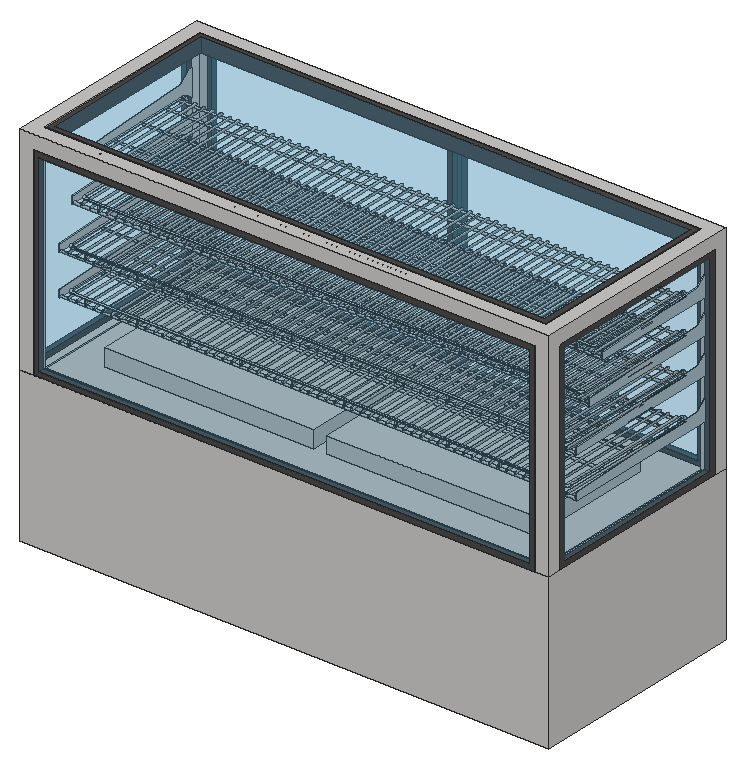
Revit family "QF_FESTIVE_RH15", category Specialty Equipment, Revit 2020
Family settings
  Round Connector Dimension = Use Diameter
  Part Type = Normal
  Work Plane-Based = No
  Always vertical = Yes
  Cut with Voids When Loaded = No
  Shared = No
  Room Calculation Point = No
Parameters (values of type "RH15_220-240/50/1")
  Weight in Kilograms = 190
  Watts = if(Phase = 3, Volts * FL Amps * 1.73, Volts * FL Amps)  # 4026 W
  Volts = 220 V
  URL Cutsheet = ""
  Specification by User = ""
  Specification by Manufacturer = ""
  Shelf Length [instance] = Length - 30 mm  # 1500 mm
  Serial Number = ""
  Seismic Rating = ""
  SMACNA No = ""
  Revision Code = ""
  Phase = 1
  Number of Poles = 1
  NAFEM Spec ID Number = ""
  Model = "RH15"
  Min Ckt Ampacity = 0 A
  Max Overcurrent Protection = 0 A
  Masterspec = ""
  Manufacturer = "FESTIVE"
  Length = 1530 mm
  Item Number = ""
  Installed By = ""
  Identify Quantity as Lot = yes
  Height = 1095 mm
  HP = ""
  Furnished By = ""
  Foodservice Equipment Identifier = yes
  FL Amps = 18.3 A
  Electrical Remarks = ""
  Electric Connection Type = ""
  Elec Conn RI Height = 0 mm
  Elec Conn Connection Height = 0 mm
  Description = "REGENT: HEATED"
  Depth = 640 mm
  Default Elevation = 0 mm
  Cycle = 50 Hz
  Control Panel B = Length > 600 mm  # yes
  Control Panel A = Length = 600 mm  # no
  Conn Plug = "10A Plug"
  Conn Conduit = yes
  CSI MasterFormat = ""
  Base Cover 2 [instance] = Length = 1530 mm  # yes
  Base Cover 1 [instance] = Length < 1201 mm  # no
  Apparent Power = if(Phase = 3, Volts * FL Amps * 1.73, Volts * FL Amps)  # 4026 VA
Reference planes
  plane 1 "BACK": y = 0
  plane 2: z = 0
  plane 3 "LEFT": x = 0
  plane 4 "RIGHT": x = 1530
  plane 5 "FRONT": y = -640
  plane 6 "TOP": z = 1095
  plane 7 "Center Y": x = 765
  plane 8 "Center X": y = -320
  plane 9: z = 470
  plane 10: z = 25.4
  plane 11: x = 40
  plane 12: x = 1490
  plane 13: x = 15
  plane 14: x = 1515
  plane 15: x = 1437.5
  plane 16: x = 92.5
  plane 17: y = 15
Forms (mm)
  Extrusion 1, solid, material "QF_Metal - Stainless - Brushed"
    sketch origin (-6096, 34.743, 25.4) x (0, 1, 0) y (-1, 0, 0)
      loop
        line (-34.743, -6096) -> (-674.743, -6096) -> (-674.743, -7626) -> (-34.743, -7626) -> (-34.743, -7586) -> (-634.743, -7586) -> (-634.743, -6136) -> (-34.743, -6136) -> (-34.743, -6096)
    from 0 to 444.6
  Extrusion 2, solid, material "QF_Plastic - Black - Smooth"
    sketch origin (0, 0, 0) x (0, 1, 0) y (0, 0, 1)
      loop
        line (-40, 1055) -> (-600, 1055) -> (-600, 470) -> (-40, 470) -> (-40, 1055)
      loop
        line (-55, 1040) -> (-585, 1040) -> (-585, 485) -> (-55, 485) -> (-55, 1040)
    from 0 to 15
  Extrusion 3, solid, material "QF_Metal - Stainless - Brushed"
    sketch origin (-6096, 152.961, 470) x (0, 1, 0) y (-1, 0, 0)
      loop
        line (-792.961, -6096) -> (-792.961, -6136) -> (-752.961, -6136) -> (-752.961, -6096) -> (-792.961, -6096)
      loop
        line (-792.961, -7626) -> (-752.961, -7626) -> (-752.961, -7586) -> (-792.961, -7586) -> (-792.961, -7626)
      loop
        line (-152.961, -7626) -> (-152.961, -7586) -> (-192.961, -7586) -> (-192.961, -7626) -> (-152.961, -7626)
      loop
        line (-152.961, -6096) -> (-192.961, -6096) -> (-192.961, -6136) -> (-152.961, -6136) -> (-152.961, -6096)
    from 0 to 625
  Extrusion 4, solid, material "QF_Metal - Stainless - Brushed"
    sketch origin (-975.299, -4572, 1095) x (-1, 0, 0) y (0, -1, 0)
      loop
        line (-1015.299, -3972) -> (-2465.299, -3972) -> (-2465.299, -4532) -> (-1015.299, -4532) -> (-1015.299, -3972)
      loop
        line (-975.299, -4572) -> (-975.299, -3932) -> (-2505.299, -3932) -> (-2505.299, -4572) -> (-975.299, -4572)
    from 0 to -40
  Extrusion 5, solid, material "Glass"
    sketch origin (0, 0, 0) x (0, 1, 0) y (0, 0, 1)
      loop
        line (-55, 1040) -> (-585, 1040) -> (-585, 485) -> (-55, 485) -> (-55, 1040)
    from 0 to 15
  Extrusion 6, solid, material "QF_Plastic - Black - Smooth"
    sketch origin (1530, 0, 0) x (0, -1, 0) y (0, 0, 1)
      loop
        line (40, 1055) -> (40, 470) -> (600, 470) -> (600, 1055) -> (40, 1055)
      loop
        line (55, 1040) -> (55, 485) -> (585, 485) -> (585, 1040) -> (55, 1040)
    from 0 to 15
  Extrusion 7, solid, material "QF_Plastic - Black - Smooth"
    sketch origin (0, -640, 0) x (1, 0, 0) y (0, 0, 1)
      loop
        line (40, 1055) -> (40, 470) -> (1490, 470) -> (1490, 1055) -> (40, 1055)
      loop
        line (1475, 1040) -> (55, 1040) -> (55, 485) -> (1475, 485) -> (1475, 1040)
    from 0 to -15
  Extrusion 8, solid, material "QF_Plastic - Black - Smooth"
    sketch origin (0, 0, 0) x (1, 0, 0) y (0, 0, 1)
      loop
        line (40, 1055) -> (40, 470) -> (780, 470) -> (780, 1055) -> (40, 1055)
      loop
        line (55, 1040) -> (55, 485) -> (765, 485) -> (765, 1040) -> (55, 1040)
    from 0 to 15
  Extrusion 9, solid, material "Glass"
    sketch origin (0, 0, 0) x (1, 0, 0) y (0, 0, 1)
      loop
        line (55, 1040) -> (55, 485) -> (765, 485) -> (765, 1040) -> (55, 1040)
    from 0 to 15
  Extrusion 10, solid, material "QF_Plastic - Black - Smooth"
    sketch origin (600, 0, 0) x (-1, 0, 0) y (0, 0, -1)
      loop
        line (-890, -1055) -> (-150, -1055) -> (-150, -470) -> (-890, -470) -> (-890, -1055)
      loop
        line (-875, -1040) -> (-165, -1040) -> (-165, -485) -> (-875, -485) -> (-875, -1040)
    from 15 to 30
  Extrusion 11, solid, material "Glass"
    sketch origin (600, 0, 0) x (-1, 0, 0) y (0, 0, -1)
      loop
        line (-875, -1040) -> (-165, -1040) -> (-165, -485) -> (-875, -485) -> (-875, -1040)
    from 15 to 30
  Extrusion 12, solid, material "QF_Plastic - Black - Smooth"
    sketch origin (-975.299, -4572, 1095) x (-1, 0, 0) y (0, -1, 0)
      loop
        line (-1015.299, -4532) -> (-1015.299, -3972) -> (-2465.299, -3972) -> (-2465.299, -4532) -> (-1015.299, -4532)
      loop
        line (-2450.299, -4517) -> (-1030.299, -4517) -> (-1030.299, -3987) -> (-2450.299, -3987) -> (-2450.299, -4517)
    from 0 to -40
  Extrusion 13, solid, material "Glass"
    sketch origin (-975.299, -4572, 1095) x (-1, 0, 0) y (0, -1, 0)
      loop
        line (-2450.299, -4517) -> (-1030.299, -4517) -> (-1030.299, -3987) -> (-2450.299, -3987) -> (-2450.299, -4517)
    from 0 to -40
  Extrusion 14, solid, material "Glass"
    sketch origin (1530, 0, 0) x (0, -1, 0) y (0, 0, 1)
      loop
        line (55, 1040) -> (55, 485) -> (585, 485) -> (585, 1040) -> (55, 1040)
    from 0 to 15
  Extrusion 15, solid, material "Glass"
    sketch origin (0, -640, 0) x (1, 0, 0) y (0, 0, 1)
      loop
        line (1475, 1040) -> (55, 1040) -> (55, 485) -> (1475, 485) -> (1475, 1040)
    from 0 to -15
  Extrusion 16, solid, material "QF_Metal - Stainless - Brushed"
    sketch origin (0, 0, 0) x (1, 0, 0) y (0, 0, 1)
      loop
        line (1490, 376.925) -> (40, 376.925) -> (40, 70.07) -> (145, 70.07) -> (145, 31.8) -> (1385, 31.8) -> (1385, 69.875) -> (1490, 69.875) -> (1490, 376.925)
    from 0 to 600
  Extrusion 17, solid
    sketch origin (0, 0, 0) x (-1, 0, 0) y (0, 0, 1)
      loop
        circle (-1375, 36.8) r 5
    from 0 to 3.2
  Extrusion 18, solid, material "QF_Metal - Stainless - Brushed"
    sketch origin (1490, 0, 25.4) x (1, 0, 0) y (0, 0, -1)
      loop
        line (0, -351.525) -> (-1450, -351.525) -> (-1450, -444.6) -> (0, -444.6) -> (0, -351.525)
    from 0 to -600
  Extrusion 19, solid, material "QF_Metal - Stainless - Brushed", visible <- "Base Cover 1"
    sketch origin (-6096, 34.743, 470) x (0, 1, 0) y (-1, 0, 0)
      loop
        line (-165.755, -6396) -> (-165.755, -6238.5) -> (-544.743, -6238.5) -> (-544.743, -6396) -> (-544.743, -7483.5) -> (-165.755, -7483.5) -> (-165.755, -6396)
    from 0 to 48.344
  Extrusion 20, solid, material "QF_Metal - Stainless - Brushed"
    sketch origin (1490, 0, 25.4) x (1, 0, 0) y (0, 0, -1)
      loop
        line (0, 0) -> (-1450, 0) -> (-1450, -6.4) -> (0, -6.4) -> (0, 0)
    from 0 to -3.2
  Extrusion 21, solid, material "QF_Metal - Stainless - Brushed", visible <- "Control Panel A"
    sketch origin (-6.051, 0, -9.342) x (1, 0, 0) y (0, 0, -1)
      loop
        line (1482.174, -234.892) -> (1482.174, -112.427) -> (1385.436, -112.427) -> (1385.436, -234.892) -> (1482.174, -234.892)
    from 0 to 15
  Extrusion 22, solid, material "QF_Metal - Stainless - Brushed", visible <- "Control Panel B"
    sketch origin (1523.949, 0, 447.758) x (0, 0, -1) y (-1, 0, 0)
      loop
        line (254.6, 250) -> (254.6, 47.826) -> (344.673, 47.826) -> (344.673, 250) -> (254.6, 250)
    from 0 to 15
  Extrusion 23, solid, material "QF_Metal - Stainless - Brushed", visible <- "Control Panel B", not visible
    sketch origin (600, 9875.408, 470) x (0, 0, -1) y (-1, 0, 0)
      loop
        line (254.6, 250) -> (254.6, 47.826) -> (344.673, 47.826) -> (344.673, 250) -> (254.6, 250)
    from 0 to 15
  Extrusion 24, solid, material "QF_Metal - Stainless - Brushed", visible <- "Base Cover 2"
    sketch origin (-6096, 34.743, 470) x (0, 1, 0) y (-1, 0, 0)
      loop
        line (-165.755, -6841) -> (-165.755, -6238.5) -> (-544.743, -6238.5) -> (-544.743, -6841) -> (-165.755, -6841)
      loop
        line (-544.743, -7483.5) -> (-165.755, -7483.5) -> (-165.755, -6881) -> (-544.743, -6881) -> (-544.743, -7483.5)
    from 0 to 48.344
Cuts and joins
  joined: Extrusion 3, Extrusion 4
Lines and regions (mm)
  Split face 1
    outline origin (-5.426, 15, -8.092) x (1, 0, 0) y (0, 0, -1)
      loop
        line (1470.469, -208.689) -> (1470.469, -174.314) -> (1395.469, -174.314) -> (1395.469, -208.689) -> (1470.469, -208.689)
  Split face 2
    outline origin (-3.022, 15, -60.598) x (1, 0, 0) y (0, 0, -1)
      loop
        line (1456.804, -215.73) -> (1456.804, -182.915) -> (1444.946, -182.915) -> (1444.946, -215.73) -> (1456.804, -215.73)
  Split face 3
    outline origin (1001.969, 15, 41.914) x (-1, 0, 0) y (0, 0, 1)
      loop
        line (-403.196, 113.218) -> (-415.054, 113.218) -> (-415.054, 80.403) -> (-403.196, 80.403) -> (-403.196, 113.218)
  Split face 4
    outline origin (1523.949, 15, 447.758) x (0, 0, -1) y (-1, 0, 0)
      loop
        line (281.242, 193.932) -> (281.242, 182.074) -> (314.057, 182.074) -> (314.057, 193.932) -> (281.242, 193.932)
  Split face 5
    outline origin (1523.949, 15, 447.758) x (0, 0, -1) y (-1, 0, 0)
      loop
        line (281.242, 224.579) -> (281.242, 212.721) -> (314.057, 212.721) -> (314.057, 224.579) -> (281.242, 224.579)
  Split face 6
    outline origin (1523.949, 15, 447.758) x (0, 0, -1) y (-1, 0, 0)
      loop
        line (278.739, 83.03) -> (313.114, 83.03) -> (313.114, 158.03) -> (278.739, 158.03) -> (278.739, 83.03)
  symbolic lines
    curve 1: line (0, 0, 1095) -> (1530, 0, 1095)
    curve 2: line (0, -640, 1095) -> (0, 0, 1095)
    curve 3: line (1530, -640, 1095) -> (0, -640, 1095)
    curve 4: line (1530, 0, 1095) -> (1530, -640, 1095)
    curve 5: line (40, -40, 1095) -> (1490, -40, 1095)
    curve 6: line (40, -600, 1095) -> (40, -40, 1095)
    curve 7: line (1490, -600, 1095) -> (40, -600, 1095)
    curve 8: line (1490, -40, 1095) -> (1490, -600, 1095)
    curve 9: line (55, -55, 1095) -> (1475, -55, 1095)
    curve 10: line (55, -585, 1095) -> (55, -55, 1095)
    curve 11: line (1475, -585, 1095) -> (55, -585, 1095)
    curve 12: line (1475, -55, 1095) -> (1475, -585, 1095)
  symbolic lines, visible <- "Control Panel A"
    curve 13: line (1379.385, 15, 1240) -> (1379.385, 0, 1240)
    curve 14: line (1476.124, 15, 1240) -> (1379.385, 15, 1240)
    curve 15: line (1476.124, 0, 1240) -> (1476.124, 15, 1240)
  symbolic lines, visible <- "Control Panel B"
    curve 16: line (1273.949, 15, 1240) -> (1273.949, 0, 1240)
    curve 17: line (1476.124, 15, 1240) -> (1273.949, 15, 1240)
    curve 18: line (1476.124, 0, 1240) -> (1476.124, 15, 1240)
  symbolic lines, visible <- "Control Panel B", not visible
    curve 19: line (350, 9890.408, 1262.242) -> (350, 9875.408, 1262.242)
    curve 20: line (552.174, 9890.408, 1262.242) -> (350, 9890.408, 1262.242)
    curve 21: line (552.174, 9875.408, 1262.242) -> (552.174, 9890.408, 1262.242)
Dimensions and locks
  equal spacing: plane 3 "LEFT", plane 7 "Center Y", plane 4 "RIGHT"
  "Length": plane 3 "LEFT" to plane 4 "RIGHT"
  equal spacing: plane 5 "FRONT", plane 8 "Center X", plane 1 "BACK"
  "Depth": plane 5 "FRONT" to plane 1 "BACK"
  "Height": plane 6 "TOP" to level
  plane 6 "TOP" to plane 9 to level = 625 mm, 470 mm
  plane 1 "BACK" to plane 5 "FRONT" = 640 mm
  locked: plane 11 to plane 3 "LEFT" at 40
  locked: plane 12 to plane 4 "RIGHT" at 40
  locked: plane 3 "LEFT" to plane 13 at 15
  locked: plane 4 "RIGHT" to plane 14 at 15
  locked: plane 5 "FRONT" to nested 5 at 45
  locked: plane 5 "FRONT" to nested 4 at 45
  locked: plane 15 to plane 4 "RIGHT" at 92.5
  locked: plane 16 to plane 3 "LEFT" at 92.5
  plane 16 to Extrusion 19 sketch curve = 50 mm
  plane 1 "BACK" to plane 17 = 15 mm
  locked: plane 4 "RIGHT" to Extrusion 22 at 53.876
  Extrusion 24 sketch curve to plane 7 "Center Y" to Extrusion 24 sketch curve = 20 mm locked, 20 mm locked
  aligned and locked: level to plane 2
  aligned and locked: plane 9 to Extrusion 1
  aligned and locked: plane 6 "TOP" to Extrusion 3
  aligned and locked: plane 16 to nested 3
  aligned and locked: plane 16 to nested 4
  aligned and locked: nested 6 to plane 15
  aligned and locked: nested 5 to plane 15
  aligned and locked: Extrusion 1 to Extrusion 18 sketch curve
  aligned and locked: Extrusion 18 sketch curve to Extrusion 1
  aligned and locked: plane 11 to Extrusion 20 sketch curve
Automatic sketch dimensions
  Extrusion 22 sketch curve to Extrusion 22 sketch curve = 90.073 mm
  Extrusion 22 sketch curve to Extrusion 22 sketch curve = 202.174 mm
  Extrusion 23 sketch curve to Extrusion 23 sketch curve = 90.073 mm
  Extrusion 23 sketch curve to Extrusion 23 sketch curve = 202.174 mm
  curve 17 to curve 17 = 202.174 mm
  curve 17 to curve 18 = 15 mm
  curve 16 to curve 16 = 15 mm
  curve 20 to curve 20 = 202.174 mm
  curve 20 to curve 21 = 15 mm
  curve 19 to curve 19 = 15 mm
  Extrusion 1 sketch curve to plane 3 "LEFT" = 0 mm
  plane 5 "FRONT" to Extrusion 1 sketch curve = 0 mm
  Extrusion 1 sketch curve to plane 12 = 0 mm
  Extrusion 1 sketch curve to plane 11 = 0 mm
  plane 1 "BACK" to Extrusion 1 sketch curve = 0 mm  (x2)
  Extrusion 1 sketch curve to plane 4 "RIGHT" = 0 mm
  Extrusion 1 sketch curve to plane 5 "FRONT" = 40 mm
  Extrusion 2 sketch curve to plane 9 = 0 mm
  Extrusion 2 sketch curve to plane 5 "FRONT" = 40 mm
  Extrusion 2 sketch curve to Extrusion 2 sketch curve = 15 mm  (x3)
  plane 9 to Extrusion 2 sketch curve = 15 mm
  plane 1 "BACK" to Extrusion 2 sketch curve = 55 mm
  Extrusion 2 sketch curve to plane 6 "TOP" = 55 mm
  Extrusion 3 sketch curve to plane 3 "LEFT" = 0 mm  (x2)
  plane 5 "FRONT" to Extrusion 3 sketch curve = 0 mm  (x2)
  Extrusion 3 sketch curve to plane 4 "RIGHT" = 0 mm  (x2)
  Extrusion 3 sketch curve to plane 11 = 0 mm  (x2)
  Extrusion 3 sketch curve to plane 12 = 0 mm  (x2)
  plane 1 "BACK" to Extrusion 3 sketch curve = 0 mm  (x2)
  Extrusion 3 sketch curve to plane 5 "FRONT" = 40 mm  (x2)
  Extrusion 3 sketch curve to Extrusion 3 sketch curve = 40 mm  (x2)
  plane 1 "BACK" to Extrusion 4 sketch curve = 0 mm
  Extrusion 4 sketch curve to plane 4 "RIGHT" = 0 mm
  Extrusion 4 sketch curve to plane 12 = 0 mm
  Extrusion 4 sketch curve to plane 11 = 0 mm
  Extrusion 4 sketch curve to plane 3 "LEFT" = 0 mm
  plane 5 "FRONT" to Extrusion 4 sketch curve = 0 mm
  plane 1 "BACK" to Extrusion 4 sketch curve = 40 mm
  Extrusion 4 sketch curve to plane 5 "FRONT" = 40 mm
  Extrusion 5 sketch curve to plane 5 "FRONT" = 55 mm
  plane 9 to Extrusion 5 sketch curve = 15 mm
  plane 1 "BACK" to Extrusion 5 sketch curve = 55 mm
  Extrusion 5 sketch curve to plane 6 "TOP" = 55 mm
  Extrusion 6 sketch curve to plane 9 = 0 mm
  plane 1 "BACK" to Extrusion 6 sketch curve = 40 mm
  Extrusion 6 sketch curve to Extrusion 6 sketch curve = 15 mm  (x3)
  plane 9 to Extrusion 6 sketch curve = 15 mm
  Extrusion 6 sketch curve to plane 5 "FRONT" = 55 mm
  Extrusion 6 sketch curve to plane 6 "TOP" = 55 mm
  Extrusion 7 sketch curve to plane 9 = 0 mm
  Extrusion 7 sketch curve to plane 11 = 0 mm
  plane 12 to Extrusion 7 sketch curve = 0 mm
  plane 11 to Extrusion 7 sketch curve = 15 mm
  plane 12 to Extrusion 7 sketch curve = 15 mm
  plane 9 to Extrusion 7 sketch curve = 15 mm
  Extrusion 7 sketch curve to plane 6 "TOP" = 55 mm
  Extrusion 7 sketch curve to Extrusion 7 sketch curve = 15 mm
  Extrusion 8 sketch curve to plane 9 = 0 mm
  Extrusion 8 sketch curve to plane 11 = 0 mm
  Extrusion 8 sketch curve to plane 7 "Center Y" = 0 mm
  plane 11 to Extrusion 8 sketch curve = 15 mm
  plane 7 "Center Y" to Extrusion 8 sketch curve = 15 mm
  plane 9 to Extrusion 8 sketch curve = 15 mm
  Extrusion 8 sketch curve to plane 6 "TOP" = 55 mm
  Extrusion 8 sketch curve to Extrusion 8 sketch curve = 15 mm
  Extrusion 9 sketch curve to plane 7 "Center Y" = 0 mm
  plane 11 to Extrusion 9 sketch curve = 15 mm
  plane 9 to Extrusion 9 sketch curve = 15 mm
  Extrusion 9 sketch curve to plane 6 "TOP" = 55 mm
  Extrusion 10 sketch curve to plane 9 = 0 mm
  plane 12 to Extrusion 10 sketch curve = 0 mm
  Extrusion 10 sketch curve to plane 7 "Center Y" = 0 mm
  Extrusion 10 sketch curve to plane 12 = 15 mm
  plane 7 "Center Y" to Extrusion 10 sketch curve = 15 mm
  Extrusion 10 sketch curve to plane 9 = 15 mm
  plane 6 "TOP" to Extrusion 10 sketch curve = 55 mm
  Extrusion 10 sketch curve to Extrusion 10 sketch curve = 15 mm
  Extrusion 11 sketch curve to plane 7 "Center Y" = 0 mm
  Extrusion 11 sketch curve to plane 12 = 15 mm
  Extrusion 11 sketch curve to plane 9 = 15 mm
  plane 6 "TOP" to Extrusion 11 sketch curve = 55 mm
  Extrusion 12 sketch curve to plane 12 = 0 mm
  Extrusion 12 sketch curve to plane 11 = 0 mm
  plane 12 to Extrusion 12 sketch curve = 15 mm
  plane 11 to Extrusion 12 sketch curve = 15 mm
  plane 1 "BACK" to Extrusion 12 sketch curve = 40 mm
  Extrusion 12 sketch curve to Extrusion 12 sketch curve = 15 mm  (x2)
  Extrusion 12 sketch curve to plane 5 "FRONT" = 55 mm
  plane 12 to Extrusion 13 sketch curve = 15 mm
  plane 11 to Extrusion 13 sketch curve = 15 mm
  plane 1 "BACK" to Extrusion 13 sketch curve = 55 mm
  Extrusion 13 sketch curve to plane 5 "FRONT" = 55 mm
  plane 1 "BACK" to Extrusion 14 sketch curve = 55 mm
  plane 9 to Extrusion 14 sketch curve = 15 mm
  Extrusion 14 sketch curve to plane 5 "FRONT" = 55 mm
  Extrusion 14 sketch curve to plane 6 "TOP" = 55 mm
  plane 1 "BACK" to curve 1 = 0 mm
  curve 1 to plane 4 "RIGHT" = 0 mm
  curve 8 to plane 12 = 0 mm
  curve 5 to plane 11 = 0 mm
  curve 3 to plane 3 "LEFT" = 0 mm
  plane 5 "FRONT" to curve 3 = 0 mm
  plane 12 to curve 12 = 15 mm
  plane 11 to curve 10 = 15 mm
  plane 1 "BACK" to curve 5 = 40 mm
  curve 5 to curve 9 = 15 mm
  curve 12 to plane 5 "FRONT" = 55 mm
  curve 10 to curve 7 = 15 mm
  plane 11 to Extrusion 15 sketch curve = 15 mm
  plane 12 to Extrusion 15 sketch curve = 15 mm
  plane 9 to Extrusion 15 sketch curve = 15 mm
  Extrusion 15 sketch curve to plane 6 "TOP" = 55 mm
  Extrusion 16 sketch curve to plane 11 = 0 mm
  plane 12 to Extrusion 16 sketch curve = 0 mm
  plane 10 to Extrusion 16 sketch curve = 6.4 mm
  plane 16 to Extrusion 16 sketch curve = 52.5 mm
  plane 15 to Extrusion 16 sketch curve = 52.5 mm
  plane 10 to Extrusion 16 sketch curve = 44.475 mm
  Extrusion 16 sketch curve to Extrusion 16 sketch curve = 38.27 mm
  Extrusion 16 sketch curve to plane 9 = 93.075 mm
  Extrusion 17 sketch curve to Extrusion 16 = 10 mm
  Extrusion 17 sketch curve to Extrusion 16 = 5 mm
  Extrusion 18 sketch curve to Extrusion 1 = 0 mm
  Extrusion 1 to Extrusion 18 sketch curve = 93.075 mm
  Extrusion 1 to Extrusion 19 sketch curve = 90 mm
  Extrusion 19 sketch curve to Extrusion 1 = 131.012 mm
  Extrusion 19 sketch curve to Extrusion 19 sketch curve = 157.5 mm  (x2)
  Extrusion 1 to Extrusion 19 sketch curve = 102.5 mm
  Extrusion 20 sketch curve to Extrusion 1 = 0 mm  (x2)
  Extrusion 20 sketch curve to Extrusion 20 sketch curve = 6.4 mm
  plane 15 to Extrusion 21 sketch curve = 58.115 mm
  plane 12 to Extrusion 21 sketch curve = 13.876 mm
  plane 10 to Extrusion 21 sketch curve = 200.149 mm
  plane 10 to Extrusion 21 sketch curve = 77.684 mm
  Split face 1 sketch curve to Extrusion 21 = 10.658 mm
  Split face 1 sketch curve to Extrusion 21 = 11.081 mm
  Split face 1 sketch curve to Extrusion 21 = 24.952 mm
  Split face 1 sketch curve to Split face 1 sketch curve = 34.375 mm
  Split face 2 sketch curve to Extrusion 21 = 34.2 mm
  Split face 2 sketch curve to Split face 2 sketch curve = 11.857 mm
  Split face 2 sketch curve to Extrusion 21 = 52.047 mm
  Split face 2 sketch curve to Extrusion 21 = 19.232 mm
  Split face 3 sketch curve to Extrusion 21 = 37.637 mm
  Split face 3 sketch curve to Split face 3 sketch curve = 11.857 mm
  Split face 3 sketch curve to Extrusion 21 = 19.232 mm
  Split face 3 sketch curve to Split face 3 sketch curve = 32.815 mm
  Split face 4 sketch curve to Extrusion 22 = 26.642 mm
  Split face 4 sketch curve to Extrusion 22 = 30.616 mm
  Split face 4 sketch curve to Extrusion 22 = 67.926 mm
  Split face 4 sketch curve to Split face 4 sketch curve = 11.857 mm
  Split face 5 sketch curve to Extrusion 22 = 26.642 mm
  Split face 5 sketch curve to Extrusion 22 = 30.616 mm
  Split face 5 sketch curve to Extrusion 22 = 37.279 mm
  Split face 5 sketch curve to Split face 5 sketch curve = 11.857 mm
  Split face 6 sketch curve to Extrusion 22 = 24.139 mm
  Split face 6 sketch curve to Extrusion 22 = 31.559 mm
  Split face 6 sketch curve to Extrusion 22 = 35.205 mm
  Split face 6 sketch curve to Split face 6 sketch curve = 75 mm
  plane 1 "BACK" to curve 15 = 0 mm
  curve 14 to plane 17 = 0 mm
  plane 1 "BACK" to curve 13 = 0 mm
  plane 12 to curve 14 = 13.876 mm
  plane 15 to curve 14 = 58.115 mm
  Extrusion 1 to Extrusion 24 sketch curve = 90 mm
  Extrusion 24 sketch curve to Extrusion 24 sketch curve = 0 mm  (x2)
  Extrusion 24 sketch curve to Extrusion 1 = 131.012 mm
  Extrusion 1 to Extrusion 24 sketch curve = 102.5 mm  (x2)
  radius of Extrusion 17 sketch curve = 5 mm
Nested families
  nested 1: "PARAMETRIC SHELF" at (15, -40, 832.321), Length <- "Shelf Length", type "PARAMETRIC SHELF"
    with Rail Depth 382 mm, Rail 2 10, No. of Rail 59, Length 1500 mm, Depth 432 mm
  nested 2: "PARAMETRIC SHELF" at (15, -40, 728.214), Length <- "Shelf Length", type "PARAMETRIC SHELF"
    with Rail Depth 430 mm, Rail 2 10, No. of Rail 59, Length 1500 mm, Depth 480 mm
  nested 3: "3 INCHES 01_CASTER" at (92.5, -65, 0), type "3 INCHES 01_CASTER"
    with Type Mark "", Specification by User "", Revision Code "", Item Number "", Installed By "", Identify Quantity as Lot yes, Furnished By "", Foodservice Equipment Identifier yes, 3 Inches Caster yes
  nested 4: "3 INCHES 01_CASTER" at (92.5, -595, 0), type "3 INCHES 01_CASTER"
    with Type Mark "", Specification by User "", Revision Code "", Item Number "", Installed By "", Identify Quantity as Lot yes, Furnished By "", Foodservice Equipment Identifier yes, 3 Inches Caster yes
  nested 5: "3 INCHES 01_CASTER" at (1437.5, -595, 0), type "3 INCHES 01_CASTER"
    with Type Mark "", Specification by User "", Revision Code "", Item Number "", Installed By "", Identify Quantity as Lot yes, Furnished By "", Foodservice Equipment Identifier yes, 3 Inches Caster yes
  nested 6: "3 INCHES 01_CASTER" at (1437.5, -65, 0), type "3 INCHES 01_CASTER"
    with Type Mark "", Specification by User "", Revision Code "", Item Number "", Installed By "", Identify Quantity as Lot yes, Furnished By "", Foodservice Equipment Identifier yes, 3 Inches Caster yes
  nested 7: "PARAMETRIC SHELF" at (15, -40, 932.679), Length <- "Shelf Length", type "PARAMETRIC SHELF"
    with Rail Depth 335 mm, Rail 2 10, No. of Rail 59, Length 1500 mm, Depth 385 mm
  nested 8: "PARAMETRIC SHELF" at (15, -40, 610.357), Length <- "Shelf Length", type "PARAMETRIC SHELF"
    with Rail Depth 430 mm, Rail 2 10, No. of Rail 59, Length 1500 mm, Depth 480 mm
Connectors
  electrical at (1375, 3.2, 36.8), driven by "Volts", driven by "Watts"
    settings: on Extrusion 17, index 2, voltage 220 V, apparent load 4026 VA, apparent load phase1 0 VA, apparent load phase2 0 VA, apparent load phase3 0 VA, power factor 1, load classification "Other", number of poles 1, system type 30, power factor state 1, is connector primary yes, connector utility no, sub classification motor no, connector description "ELECTRICAL CONNECTION"
Definition of nested family "PARAMETRIC SHELF"
  Parameters (values of type "PARAMETRIC SHELF")
    Weight in Pounds = 0
    URL Cutsheet = ""
    Specification by User = ""
    Specification by Manufacturer = ""
    Serial Number = ""
    Seismic Rating = ""
    SMACNA No = ""
    Revision Code = ""
    Rail Depth [instance] = Depth - 50 mm  # 367 mm
    Rail 2 [instance] = Length / 150 mm  # 4
    No. of Rail [instance] = Length / 25.4 mm  # 24
    NAFEM Spec ID Number = ""
    Masterspec = ""
    Length [instance] = 600 mm
    Item Number = ""
    Installed By = ""
    Identify Quantity as Lot = yes
    Height = 220 mm
    Furnished By = ""
    Foodservice Equipment Identifier = yes
    Depth [instance] = 417 mm
    Default Elevation = 0 mm
    CSI MasterFormat = ""
  Reference planes
    plane 1 "BACK": y = 0
    plane 2: z = 0
    plane 3 "LEFT": x = 0
    plane 4 "RIGHT": x = 600
    plane 5 "FRONT": y = -417
    plane 6 "TOP": z = 220
    plane 7 "Center Y": x = 300
    plane 8 "Center X": y = -208.5
    plane 9: x = 28.6
    plane 10: x = 571.4
    plane 11: x = 3.2
    plane 12: x = 596.8
  Forms (mm)
    Extrusion 1, solid
      sketch origin (0, -4517, 280.761) x (0, 0, 1) y (0, -1, 0)
        loop
          line (-244.023, -4477) -> (-261.193, -4100) -> (-280.761, -4100) -> (-280.761, -4502.438) -> (-295.323, -4517) -> (-217.773, -4517) -> (-217.773, -4508.448) -> (-244.023, -4477)
      from 0 to 3.2
    Extrusion 2, solid
      sketch origin (600, 0, 0) x (0, -1, 0) y (0, 0, 1)
        loop
          line (40, 36.738) -> (8.552, 62.988) -> (0, 62.988) -> (0, -14.562) -> (14.562, 0) -> (417, 0) -> (417, 19.568) -> (40, 36.738)
      from 0 to 3.2
    Extrusion 3, solid
      sketch origin (3.2, -4572, 62.788) x (0, 0, 1) y (0, -1, 0)
        loop
          circle (-59.788, -4158) r 3
        loop
          circle (-59.788, -4268) r 3
        loop
          circle (-59.788, -4368) r 3
        loop
          circle (-59.788, -4471.515) r 3
        loop
          circle (-59.788, -4519.015) r 3
      from 0 to 593.6
    Extrusion 4, solid
      sketch origin (20.4, -417, 21.873) x (0, 0, 1) y (1, 0, 0)
        loop
          circle (-13.368, 8.2) r 2.5
      from 0 to 367 <- "Rail Depth"
    Extrusion 5, solid
      sketch origin (563.2, -417, 21.873) x (0, 0, 1) y (1, 0, 0)
        loop
          circle (-13.368, 8.2) r 2.5
      from 0 to 367 <- "Rail Depth"
    Extrusion 6, solid
      sketch origin (44, -417, 21.873) x (0, 0, 1) y (1, 0, 0)
        loop
          circle (-13.368, 8.2) r 2.5
      from 0 to 367 <- "Rail Depth"
    Extrusion 7, solid
      sketch origin (67.6, -417, 21.873) x (0, 0, 1) y (1, 0, 0)
        loop
          circle (-13.368, 8.2) r 2.5
      from 0 to 367 <- "Rail Depth"
    Extrusion 8, solid
      sketch origin (91.2, -417, 21.873) x (0, 0, 1) y (1, 0, 0)
        loop
          circle (-13.368, 8.2) r 2.5
      from 0 to 367 <- "Rail Depth"
    Extrusion 9, solid
      sketch origin (114.8, -417, 21.873) x (0, 0, 1) y (1, 0, 0)
        loop
          circle (-13.368, 8.2) r 2.5
      from 0 to 367 <- "Rail Depth"
    Extrusion 10, solid
      sketch origin (138.4, -417, 21.873) x (0, 0, 1) y (1, 0, 0)
        loop
          circle (-13.368, 8.2) r 2.5
      from 0 to 367 <- "Rail Depth"
    Extrusion 11, solid
      sketch origin (162, -417, 21.873) x (0, 0, 1) y (1, 0, 0)
        loop
          circle (-13.368, 8.2) r 2.5
      from 0 to 367 <- "Rail Depth"
    Extrusion 12, solid
      sketch origin (185.6, -417, 21.873) x (0, 0, 1) y (1, 0, 0)
        loop
          circle (-13.368, 8.2) r 2.5
      from 0 to 367 <- "Rail Depth"
    Extrusion 13, solid
      sketch origin (209.2, -417, 21.873) x (0, 0, 1) y (1, 0, 0)
        loop
          circle (-13.368, 8.2) r 2.5
      from 0 to 367 <- "Rail Depth"
    Extrusion 14, solid
      sketch origin (232.8, -417, 21.873) x (0, 0, 1) y (1, 0, 0)
        loop
          circle (-13.368, 8.2) r 2.5
      from 0 to 367 <- "Rail Depth"
    Extrusion 15, solid
      sketch origin (256.4, -417, 21.873) x (0, 0, 1) y (1, 0, 0)
        loop
          circle (-13.368, 8.2) r 2.5
      from 0 to 367 <- "Rail Depth"
    Extrusion 16, solid
      sketch origin (280, -417, 21.873) x (0, 0, 1) y (1, 0, 0)
        loop
          circle (-13.368, 8.2) r 2.5
      from 0 to 367 <- "Rail Depth"
    Extrusion 17, solid
      sketch origin (303.6, -417, 21.873) x (0, 0, 1) y (1, 0, 0)
        loop
          circle (-13.368, 8.2) r 2.5
      from 0 to 367 <- "Rail Depth"
    Extrusion 18, solid
      sketch origin (327.2, -417, 21.873) x (0, 0, 1) y (1, 0, 0)
        loop
          circle (-13.368, 8.2) r 2.5
      from 0 to 367 <- "Rail Depth"
    Extrusion 19, solid
      sketch origin (350.8, -417, 21.873) x (0, 0, 1) y (1, 0, 0)
        loop
          circle (-13.368, 8.2) r 2.5
      from 0 to 367 <- "Rail Depth"
    Extrusion 20, solid
      sketch origin (374.4, -417, 21.873) x (0, 0, 1) y (1, 0, 0)
        loop
          circle (-13.368, 8.2) r 2.5
      from 0 to 367 <- "Rail Depth"
    Extrusion 21, solid
      sketch origin (398, -417, 21.873) x (0, 0, 1) y (1, 0, 0)
        loop
          circle (-13.368, 8.2) r 2.5
      from 0 to 367 <- "Rail Depth"
    Extrusion 22, solid
      sketch origin (421.6, -417, 21.873) x (0, 0, 1) y (1, 0, 0)
        loop
          circle (-13.368, 8.2) r 2.5
      from 0 to 367 <- "Rail Depth"
    Extrusion 23, solid
      sketch origin (445.2, -417, 21.873) x (0, 0, 1) y (1, 0, 0)
        loop
          circle (-13.368, 8.2) r 2.5
      from 0 to 367 <- "Rail Depth"
    Extrusion 24, solid
      sketch origin (468.8, -417, 21.873) x (0, 0, 1) y (1, 0, 0)
        loop
          circle (-13.368, 8.2) r 2.5
      from 0 to 367 <- "Rail Depth"
    Extrusion 25, solid
      sketch origin (492.4, -417, 21.873) x (0, 0, 1) y (1, 0, 0)
        loop
          circle (-13.368, 8.2) r 2.5
      from 0 to 367 <- "Rail Depth"
    Extrusion 26, solid
      sketch origin (516, -417, 21.873) x (0, 0, 1) y (1, 0, 0)
        loop
          circle (-13.368, 8.2) r 2.5
      from 0 to 367 <- "Rail Depth"
    Extrusion 27, solid
      sketch origin (539.6, -417, 21.873) x (0, 0, 1) y (1, 0, 0)
        loop
          circle (-13.368, 8.2) r 2.5
      from 0 to 367 <- "Rail Depth"
    Sweep 28, solid
      path origin (0, 0, 0) x (1, 0, 0) y (0, 1, 0)
        loop
          line (571.4, -70) -> (571.4, -404)
          arc (571.4, -404) -> (568.471, -411.071) -> (561.4, -414) r 10
          line (561.4, -414) -> (38.6, -414)
          arc (38.6, -414) -> (31.529, -411.071) -> (28.6, -404) r 10
          line (28.6, -404) -> (28.6, -70)
      profile origin (571.4, -237, 0) x (1, 0, 0) y (0, 0, 1)
        loop
          circle (0, 23.505) r 2.5
    Sweep 29, solid
      path origin (28.6, -4572, 11.2) x (0, 0, 1) y (0, -1, 0)
        loop
          line (12.305, -4502) -> (12.305, -4509.015)
          arc (12.305, -4509.015) -> (9.376, -4516.086) -> (2.305, -4519.015) r 10
          line (2.305, -4519.015) -> (-0.376, -4519.015)
      profile origin (28.6, -66.493, 23.505) x (0, 0, 1) y (1, 0, 0)
        loop
          circle (0, 0) r 2.5
    Sweep 30, solid
      path origin (571.4, -4572, 11.2) x (0, 0, 1) y (0, -1, 0)
        loop
          line (12.305, -4502) -> (12.305, -4509.015)
          arc (12.305, -4509.015) -> (9.376, -4516.086) -> (2.305, -4519.015) r 10
          line (2.305, -4519.015) -> (-0.376, -4519.015)
      profile origin (571.4, -66.493, 23.505) x (0, 0, -1) y (-1, 0, 0)
        loop
          circle (0, 0) r 2.5
    Extrusion 31, solid
      sketch origin (0, 0, 0) x (1, 0, 0) y (0, 1, 0)
        loop
          circle (75.8, -414.118) r 2
      from 5.989 to 23.272
    Extrusion 32, solid
      sketch origin (448.4, 0, 0) x (1, 0, 0) y (0, 1, 0)
        loop
          circle (75.8, -414.118) r 2
      from 5.989 to 23.272
    Extrusion 33, solid
      sketch origin (149.467, 0, 0) x (1, 0, 0) y (0, 1, 0)
        loop
          circle (75.8, -414.118) r 2
      from 5.989 to 23.272
    Extrusion 34, solid
      sketch origin (298.933, 0, 0) x (1, 0, 0) y (0, 1, 0)
        loop
          circle (75.8, -414.118) r 2
      from 5.989 to 23.272
  Cuts and joins
    joined: Sweep 28, Sweep 29, Sweep 30
  Lines and regions (mm)
    symbolic lines
      curve 1: line (0, 0, 0) -> (600, 0, 0)
      curve 2: line (0, -417, 0) -> (0, 0, 0)
      curve 3: line (600, -417, 0) -> (0, -417, 0)
      curve 4: line (600, 0, 0) -> (600, -417, 0)
  Dimensions and locks
    equal spacing: plane 3 "LEFT", plane 7 "Center Y", plane 4 "RIGHT"
    "Length": plane 3 "LEFT" to plane 4 "RIGHT"
    equal spacing: plane 5 "FRONT", plane 8 "Center X", plane 1 "BACK"
    "Depth": plane 5 "FRONT" to plane 1 "BACK"
    "Height": plane 6 "TOP" to level
    locked: plane 9 to plane 3 "LEFT" at 28.6
    locked: plane 10 to plane 4 "RIGHT" at 28.6
    locked: plane 12 to plane 4 "RIGHT" at 3.2
    locked: plane 11 to plane 3 "LEFT" at 3.2
    equal spacing: group 1, group 3, group 4, group 5, group 6, group 7, group 8, group 9, group 10, group 11, group 12, group 13, group 14, group 15, group 16, group 17, group 18, group 19, group 20, group 21, group 22, group 23, group 24, group 2  (x3)
    plane 1 "BACK" to Extrusion 3 sketch curve to Extrusion 3 sketch curve = 52.985 mm locked, 47.5 mm locked
    locked: Sweep 28 sketch curve to plane 1 "BACK" at 70  (x2)
    equal spacing: group 25, group 27, group 28, group 26  (x3)
    locked: Extrusion 31 to plane 3 "LEFT" at 73.8
    locked: Extrusion 32 to plane 4 "RIGHT" at 73.8
    locked: Extrusion 31 to plane 5 "FRONT" at 2.882
    locked: Extrusion 32 to plane 5 "FRONT" at 2.882
    aligned and locked: level to plane 2
    aligned and locked: Extrusion 3 to plane 12
    aligned and locked: plane 5 "FRONT" to Extrusion 4
    aligned and locked: plane 5 "FRONT" to Extrusion 5
    aligned and locked: plane 10 to Extrusion 5
  Automatic sketch dimensions
    Extrusion 1 sketch curve to plane 1 "BACK" = 0 mm
    Extrusion 1 sketch curve to level = 0 mm
    Extrusion 1 sketch curve to plane 5 "FRONT" = 0 mm
    Extrusion 1 sketch curve to level = 14.562 mm
    level to Extrusion 1 sketch curve = 19.568 mm
    level to Extrusion 1 sketch curve = 36.738 mm
    plane 1 "BACK" to Extrusion 1 sketch curve = 8.552 mm
    Extrusion 1 sketch curve to Extrusion 1 sketch curve = 26.25 mm
    plane 1 "BACK" to Extrusion 1 sketch curve = 14.562 mm
    plane 1 "BACK" to Extrusion 1 sketch curve = 40 mm
    Extrusion 2 sketch curve to plane 1 "BACK" = 0 mm
    Extrusion 2 sketch curve to level = 0 mm
    Extrusion 2 sketch curve to plane 5 "FRONT" = 0 mm
    plane 1 "BACK" to Extrusion 2 sketch curve = 8.552 mm
    plane 1 "BACK" to Extrusion 2 sketch curve = 14.562 mm
    plane 1 "BACK" to Extrusion 2 sketch curve = 40 mm
    Extrusion 2 sketch curve to level = 14.562 mm
    level to Extrusion 2 sketch curve = 19.568 mm
    level to Extrusion 2 sketch curve = 36.738 mm
    Extrusion 2 sketch curve to Extrusion 2 sketch curve = 26.25 mm
    level to Extrusion 3 sketch curve = 3 mm  (x5)
    plane 8 "Center X" to Extrusion 3 sketch curve = 4.5 mm
    Extrusion 3 sketch curve to plane 8 "Center X" = 95.5 mm
    Extrusion 3 sketch curve to plane 5 "FRONT" = 3 mm
    Sweep 28 sketch curve to plane 9 = 0 mm
    Sweep 28 sketch curve to plane 10 = 0 mm
    Sweep 28 sketch curve to plane 5 "FRONT" = 3 mm
    plane 9 to Sweep 28 sketch curve = 10 mm
    Sweep 28 sketch curve to Sweep 28 sketch curve = 10 mm
    profile plane to Sweep 28 sketch curve = 0 mm
    level to Sweep 28 sketch curve = 23.505 mm
    level to Sweep 29 sketch curve = 13.505 mm
    Sweep 29 sketch curve to Sweep 29 sketch curve = 10 mm
    plane 1 "BACK" to Sweep 29 sketch curve = 52.985 mm
    Sweep 29 sketch curve to Sweep 29 sketch curve = 2.68 mm
    Sweep 29 sketch curve to Sweep 29 sketch curve = 7.015 mm
    Sweep 29 sketch curve to plane 9 = 0 mm
    Sweep 29 sketch curve to profile plane = 0 mm
    Sweep 30 sketch curve to profile plane = 0 mm
    profile plane to Sweep 30 sketch curve = 0 mm
    Sweep 30 sketch curve to level = 13.505 mm
    Sweep 30 sketch curve to Sweep 30 sketch curve = 10 mm
    Sweep 30 sketch curve to plane 1 "BACK" = 52.985 mm
    Sweep 30 sketch curve to Sweep 30 sketch curve = 2.68 mm
    Sweep 30 sketch curve to Sweep 30 sketch curve = 7.015 mm
    curve 3 to plane 3 "LEFT" = 0 mm
    curve 3 to plane 4 "RIGHT" = 0 mm
    plane 5 "FRONT" to curve 3 = 0 mm
    plane 1 "BACK" to curve 2 = 0 mm
    radius of Extrusion 4 sketch curve = 2.5 mm
    radius of Extrusion 5 sketch curve = 2.5 mm
    radius of Extrusion 6 sketch curve = 2.5 mm
    radius of Extrusion 7 sketch curve = 2.5 mm
    radius of Extrusion 8 sketch curve = 2.5 mm
    radius of Extrusion 9 sketch curve = 2.5 mm
    radius of Extrusion 10 sketch curve = 2.5 mm
    radius of Extrusion 11 sketch curve = 2.5 mm
    radius of Extrusion 12 sketch curve = 2.5 mm
    radius of Extrusion 13 sketch curve = 2.5 mm
    radius of Extrusion 14 sketch curve = 2.5 mm
    radius of Extrusion 15 sketch curve = 2.5 mm
    radius of Extrusion 16 sketch curve = 2.5 mm
    radius of Extrusion 17 sketch curve = 2.5 mm
    radius of Extrusion 18 sketch curve = 2.5 mm
    radius of Extrusion 19 sketch curve = 2.5 mm
    radius of Extrusion 20 sketch curve = 2.5 mm
    radius of Extrusion 21 sketch curve = 2.5 mm
    radius of Extrusion 22 sketch curve = 2.5 mm
    radius of Extrusion 23 sketch curve = 2.5 mm
    radius of Extrusion 24 sketch curve = 2.5 mm
    radius of Extrusion 25 sketch curve = 2.5 mm
    radius of Extrusion 26 sketch curve = 2.5 mm
    radius of Extrusion 27 sketch curve = 2.5 mm
    radius of Extrusion 3 sketch curve = 3 mm  (x5)
    radius of Sweep 28 sketch curve = 2.5 mm
    radius of Sweep 29 sketch curve = 2.5 mm
    radius of Sweep 30 sketch curve = 2.5 mm
    radius of Extrusion 31 sketch curve = 2 mm
    radius of Extrusion 32 sketch curve = 2 mm
    radius of Extrusion 33 sketch curve = 2 mm
    radius of Extrusion 34 sketch curve = 2 mm
Definition of nested family "3 INCHES 01_CASTER"
  Parameters (values of type "3 INCHES 01_CASTER")
    Weight = ""
    URL Manufacturer = ""
    URL Cutsheet = ""
    URL = ""
    Type Mark [instance] = ""
    Specification by User [instance] = ""
    Specification by Manufacturer = ""
    Serial Number = ""
    Seismic Rating = ""
    SMACNA No = ""
    Revision Code [instance] = ""
    Omniclass Number and Title = ""
    NAFEM Spec ID Number = ""
    Model = ""
    MasterSpec. = ""
    Manufacturer = ""
    Item Number [instance] = ""
    Installed By [instance] = ""
    Identify Quantity as Lot [instance] = yes
    Furnished By [instance] = ""
    Foodservice Equipment Identifier [instance] = yes
    Description = ""
    Default Elevation = 0 mm
    CSI MasterFormat = ""
    CSI Master Format = ""
    Assembly Code = ""
    3 Inches Caster [instance] = yes
  Reference planes
    plane 1: z = 0
    plane 2 "RIGHT": x = 0
    plane 3 "FRONT": y = 0
    plane 4 "TOP": z = 79.375
  Forms (mm)
    Revolve 1, solid, visible <- "3 Inches Caster"
      sketch origin (-49.224, 14.225, -25.504) x (1, 0, 0) y (0, 0, 1)
        loop
          line (18.81, 53.682) -> (18.81, 51.765) -> (20.08, 50.495) -> (21.604, 50.495) -> (21.604, 47.445) -> (31.369, 47.445) -> (31.369, 43.353) -> (34.656, 41.455) -> (35.568, 35.823) -> (34.131, 35.823) -> (34.131, 32.648) -> (34.925, 32.648) -> (34.925, 25.504) -> (63.103, 25.504) -> (63.103, 32.648) -> (63.897, 32.648) -> (63.897, 35.823) -> (62.461, 35.823) -> (63.387, 41.544) -> (66.659, 43.434) -> (66.659, 47.445) -> (77.218, 47.445) -> (77.218, 50.495) -> (78.742, 50.495) -> (80.012, 51.765) -> (80.012, 53.682) -> (18.81, 53.682)
        axis (18.81, 53.682) -> (80.012, 53.682)
      angle from 0 to 360
    Extrusion 2, solid, visible <- "3 Inches Caster"
      sketch origin (-49.224, 34.365, -82.654) x (0, 1, 0) y (0, 0, 1)
        loop
          line (-10.438, 149.046) -> (-10.438, 152.724) -> (-58.291, 152.724) -> (-58.291, 145.096) -> (-46.304, 145.096)
          arc (-46.304, 145.096) -> (-25.478, 142.206) -> (-4.976, 137.538) r 244.683
          arc (-4.976, 137.538) -> (3.212, 134.488) -> (10.725, 130.027) r 48.783
          line (10.725, 130.027) -> (13.034, 133.223)
          arc (13.034, 133.223) -> (6.948, 137.813) -> (0.305, 141.552) r 57.159
          line (0.305, 141.552) -> (2.38, 145.142)
          arc (2.38, 145.142) -> (-3.879, 147.585) -> (-10.438, 149.046) r 43.98
      from 29.809 to 68.639
    Revolve 3, solid, visible <- "3 Inches Caster"
      sketch origin (0, 44.16, -82.55) x (0, 1, 0) y (0, 0, 1)
        loop
          line (-44.16, 161.925) -> (-44.16, 152.62) -> (-23.696, 152.62) -> (-23.696, 161.925) -> (-44.16, 161.925)
        axis (-44.16, 152.62) -> (-44.16, 161.925)
      angle from 0 to 360
    Extrusion 4, solid, visible <- "3 Inches Caster"
      sketch origin (-50.414, 34.365, -44.554) x (0, 1, 0) y (0, 0, 1)
        loop
          line (-58.291, 114.624) -> (-58.291, 106.996) -> (-56.068, 106.996)
          arc (-56.068, 106.996) -> (-40.334, 98.348) -> (-33.282, 81.837) r 27.521
          arc (-33.282, 81.837) -> (-32.335, 75.873) -> (-30.382, 70.158) r 35.169
          arc (-30.382, 70.158) -> (-19.737, 63.435) -> (-9.498, 70.763) r 11.278
          arc (-9.498, 70.763) -> (-9.015, 72.239) -> (-8.655, 73.751) r 18.805
          arc (-8.655, 73.751) -> (-1.855, 86.085) -> (10.869, 92.126) r 22.956
          line (10.869, 92.126) -> (13.034, 95.123)
          arc (13.034, 95.123) -> (6.948, 99.713) -> (0.305, 103.452) r 57.159
          line (0.305, 103.452) -> (2.38, 107.042)
          arc (2.38, 107.042) -> (-3.879, 109.485) -> (-10.438, 110.946) r 43.98
          line (-10.438, 110.946) -> (-10.438, 114.624) -> (-58.291, 114.624)
      from 69.829 to 73.87
    Extrusion 5, solid, visible <- "3 Inches Caster"
      sketch origin (50.414, 34.365, -44.554) x (0, 1, 0) y (0, 0, -1)
        loop
          line (-58.291, -114.624) -> (-10.438, -114.624) -> (-10.438, -110.946)
          arc (-10.438, -110.946) -> (-3.879, -109.485) -> (2.38, -107.042) r 43.98
          line (2.38, -107.042) -> (0.305, -103.452)
          arc (0.305, -103.452) -> (6.948, -99.713) -> (13.034, -95.123) r 57.159
          line (13.034, -95.123) -> (10.869, -92.126)
          arc (10.869, -92.126) -> (-1.855, -86.085) -> (-8.655, -73.751) r 22.956
          arc (-8.655, -73.751) -> (-9.015, -72.239) -> (-9.498, -70.763) r 18.805
          arc (-9.498, -70.763) -> (-19.737, -63.435) -> (-30.382, -70.158) r 11.278
          arc (-30.382, -70.158) -> (-32.335, -75.873) -> (-33.282, -81.837) r 35.169
          arc (-33.282, -81.837) -> (-40.334, -98.348) -> (-56.068, -106.996) r 27.521
          line (-56.068, -106.996) -> (-58.291, -106.996) -> (-58.291, -114.624)
      from 69.829 to 73.87
  Cuts and joins
    joined: Extrusion 2, Extrusion 4, Extrusion 5
  Lines and regions (mm)
    symbolic lines, visible <- "3 Inches Caster"
      curve 1: line (4.767, 41.959, 0) -> (22.622, 31.651, 0)
      curve 2: line (-25.444, -10.369, 0) -> (4.767, 41.959, 0)
      curve 3: line (-7.59, -20.677, 0) -> (-25.444, -10.369, 0)
      curve 4: line (22.622, 31.651, 0) -> (-7.59, -20.677, 0)
  Dimensions and locks
    plane 4 "TOP" to level = 79.375 mm  (x2)
    aligned and locked: level to plane 1
